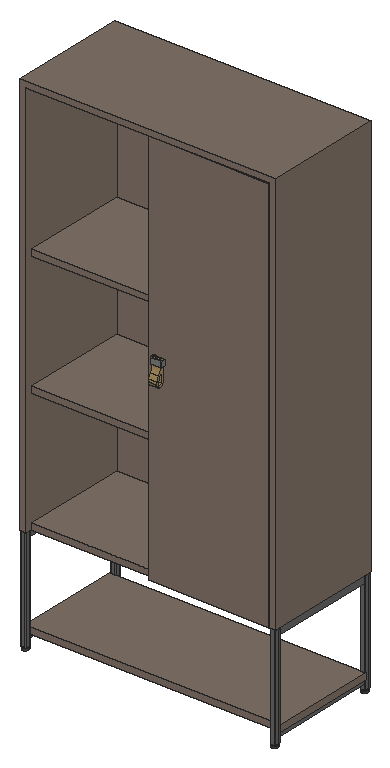
Revit family "Storage-Teknion-LWBTH_Byward_High_Tower-R2019", category Furniture, Revit 2019
Family settings
  OmniClass Number = 23.40.20.00
  OmniClass Title = General Furniture and Specialties
  Work Plane-Based = No
  Always vertical = Yes
  Cut with Voids When Loaded = No
  Shared = Yes
  Room Calculation Point = No
Parameters (values of type "Left Open, Right Coat")
  Width [instance] = 30.000"
  Warranty = "http://www.teknion.com/ca/papers/legal-canada"
  Unit Weight URL = "http://www.teknion.com/ca/tools/assets#&asset=bee6a381-b954-425e-8283-5a2de3a804f2,f828d448-4b62-4231-9e5f-9a8991c0ed77"
  URL = "www.teknion.com"
  To render please download texture images found here [instance] = "https://assets.teknion.com/web/5e81352c1dfdb467/revit-material-swatches/"
  Sustainability Data = "https://www.teknion.com/ca/tools/assets#&topic=216f99a5-57a0-44fc-b10a-9dee9b29ae4c&asset=444deb64-fe58-4b68-981e-f75e97781df7,b4ff2d81-9f2e-437d-9659-7cffb09c31cf"
  Series = "Byward"  # constant formula
  Right Coat Door = yes
  Product Page URL = "https://www.teknion.com/ca/products/product-details?productLineId=87d0476f-8e7a-673b-a6c8-ff05004460c4"
  Product Line = "Byward"  # constant formula
  Product Documentation Link = "https://assets.teknion.com/m/d3f7903c0f9c31f/original/Byward-Reference-Guide.pdf"
  Plan View Shelf Depth Cut Depth = 62.500"
  Part Number = "LWBTH"  # constant formula
  Model = "LWBTHOJ6014__"
  Manufacturer Phone = "416-661-3370"  # constant formula
  Manufacturer Fax = "416.661.4586"  # constant formula
  Manufacturer Contact Information = "http://www.teknion.com/ca/contactus"
  Manufacturer Address = "1150 Flint Road, Toronto, ON. M3J 2J5. Canada"  # constant formula
  Manufacturer = "Teknion"  # constant formula
  Left Open, Right Coat Cut Depth = 16.563"
  Left Coat, Right Open Cut Depth = 0.500"
  Left Coat Door = no
  How To Use Teknion Materials User Guide [instance] = "https://assets.teknion.com/m/205dd0a49fa58060/original/How-to-add-a-Material-Library-and-Texture-Images-to-your-Revit-project.pdf"
  Handle Paint Finish [instance] = Paint - Teknion - Mica - Anthracite
  Handle Leather Finish [instance] = Leather-Teknion-N68-Natural
  For Additional Finishes please visit [instance] = "https://assets.teknion.com/m/44a8009b046e5d47/original/Teknion_Materials_Library.zip"
  Description = "Byward High Tower, Left Open, Right Coat, 60\" Height, 14\" Depth"
  2D Coat Divider Right = yes
  2D Coat Divider Left = no
  2D Coat Lines = yes
  Case Finish [instance] = Veneer-Teknion-5U-Flintwood-Raw_Umber
  Available Widths [instance] = "24\" or 30\""  # constant formula
  Assembly Code = "E2020200"
  All Closed = 0.500"
Types (6): name | Right Coat Door | Plan View Shelf Depth Cut Depth | Model | Left Open, Right Coat Cut Depth | Left Coat, Right Open Cut Depth | Left Coat Door | Description | 2D Coat Divider Right | 2D Coat Divider Left | 2D Coat Lines | All Closed
  (no name) | yes | 62.500" | "LWBTHOJ6014__" | 16.563" | 0.500" | no | "Byward High Tower, Left Open, Right Coat, 60\" Height, 14\" Depth" | yes | no | yes | 0.500"
  Left Coat, Right Open | no | 62.500" | "LWBTHJO6014__" | 0.500" | 16.5625" | yes | "Byward High Tower, Left Coat, Right Open, 60\" Height, 14\" Depth" | no | yes | yes | 0.500"
  Left Open, Right Coat | yes | 62.500" | "LWBTHOJ6014__" | 16.563" | 0.500" | no | "Byward High Tower, Left Open, Right Coat, 60\" Height, 14\" Depth" | yes | no | yes | 0.500"
  All Closed | yes | 0.500" | "LWBTHCC6014__" | 0.500" | 0.500" | yes | "Byward High Tower, All Closed, 60\" Height, 14\" Depth" | no | no | no | 16.563"
  Left Closed, Right Coat | yes | 0.500" | "LWBTHCJ6014__" | 16.563" | 0.500" | yes | "Byward High Tower, Left Closed, Right Coat, 60\" Height, 14\" Depth" | yes | no | yes | 0.500"
  All Open | no | 0.500" | "LWBTHOO6014__" | 0.500" | 0.500" | no | "Byward High Tower, All Open, 60\" Height, 14\" Depth" | no | no | no | 16.563"
Reference planes (in)
  plane 1 "Center Front/Back": y = 0.01765
  plane 2: z = 0
  plane 3 "Center Left/Right": x = -4.02136
  plane 4 "Left": x = -19.02136
  plane 5 "Right": x = 10.97864
  plane 6 "Back": y = 7.01765
  plane 7 "Front": y = -6.98235
  plane 8 "Top": z = 60
  plane 9: y = -10.23235
Forms (in)
  Sweep 1, solid, material "Paint-Teknion-23-Z-Foundation-Foundry Onyx"
    path origin (-21.52136, -0.543, 0) x (0, 1, 0) y (0, 0, 1)
      loop
        line (-6.0597, 0.325) -> (-6.0597, 12.5)
    profile origin (-21.52136, -6.6027, 6.4125) x (0, -1, 0) y (1, 0, 0)
      loop
        arc (-0.3095, 2.621) -> (-0.28314, 2.55736) -> (-0.2195, 2.531) r 0.09
        line (-0.2195, 2.531) -> (0.2255, 2.531)
        arc (0.2255, 2.531) -> (0.28914, 2.55736) -> (0.3155, 2.621) r 0.09
        line (0.3155, 2.621) -> (0.3155, 3.066)
        arc (0.3155, 3.066) -> (0.28914, 3.12964) -> (0.2255, 3.156) r 0.09
        line (0.2255, 3.156) -> (-0.2195, 3.156)
        arc (-0.2195, 3.156) -> (-0.28314, 3.12964) -> (-0.3095, 3.066) r 0.09
        line (-0.3095, 3.066) -> (-0.3095, 2.621)
      loop
        line (-0.3095, 32.379) -> (-0.3095, 31.934)
        arc (-0.3095, 31.934) -> (-0.28314, 31.87036) -> (-0.2195, 31.844) r 0.09
        line (-0.2195, 31.844) -> (0.2255, 31.844)
        arc (0.2255, 31.844) -> (0.28914, 31.87036) -> (0.3155, 31.934) r 0.09
        line (0.3155, 31.934) -> (0.3155, 32.379)
        arc (0.3155, 32.379) -> (0.28914, 32.44264) -> (0.2255, 32.469) r 0.09
        line (0.2255, 32.469) -> (-0.2195, 32.469)
        arc (-0.2195, 32.469) -> (-0.28314, 32.44264) -> (-0.3095, 32.379) r 0.09
  Sweep 2, solid, material "Paint-Teknion-23-Z-Foundation-Foundry Onyx"
    path origin (-21.52136, 12.71116, 0) x (0, 1, 0) y (0, 0, 1)
      loop
        line (-6.095, 0.325) -> (-6.095, 12.5)
    profile origin (-21.52136, 6.61616, 6.4125) x (0, -1, 0) y (1, 0, 0)
      loop
        arc (-0.3095, 2.621) -> (-0.28314, 2.55736) -> (-0.2195, 2.531) r 0.09
        line (-0.2195, 2.531) -> (0.2255, 2.531)
        arc (0.2255, 2.531) -> (0.28914, 2.55736) -> (0.3155, 2.621) r 0.09
        line (0.3155, 2.621) -> (0.3155, 3.066)
        arc (0.3155, 3.066) -> (0.28914, 3.12964) -> (0.2255, 3.156) r 0.09
        line (0.2255, 3.156) -> (-0.2195, 3.156)
        arc (-0.2195, 3.156) -> (-0.28314, 3.12964) -> (-0.3095, 3.066) r 0.09
        line (-0.3095, 3.066) -> (-0.3095, 2.621)
      loop
        line (-0.3095, 32.379) -> (-0.3095, 31.934)
        arc (-0.3095, 31.934) -> (-0.28314, 31.87036) -> (-0.2195, 31.844) r 0.09
        line (-0.2195, 31.844) -> (0.2255, 31.844)
        arc (0.2255, 31.844) -> (0.28914, 31.87036) -> (0.3155, 31.934) r 0.09
        line (0.3155, 31.934) -> (0.3155, 32.379)
        arc (0.3155, 32.379) -> (0.28914, 32.44264) -> (0.2255, 32.469) r 0.09
        line (0.2255, 32.469) -> (-0.2195, 32.469)
        arc (-0.2195, 32.469) -> (-0.28314, 32.44264) -> (-0.3095, 32.379) r 0.09
  Sweep 3, solid, material "Paint-Teknion-23-Z-Foundation-Foundry Onyx"
    path origin (-21.52136, -0.50784, 0) x (0, 1, 0) y (0, 0, 1)
      loop
        line (7.118, 0.163) -> (7.118, 0.325)
    profile origin (-21.52136, 6.61016, 0.244) x (0, -1, 0) y (1, 0, 0)
      loop
        circle (0.0043, 2.8401) r 0.12489
      loop
        circle (-0.00156, 32.16313) r 0.12489
      loop
        circle (13.22333, 2.84596) r 0.12489
      loop
        circle (13.21747, 32.15727) r 0.12489
  SweptBlend 4, solid, material "Plastic - Teknion - E - Ebony"
    path origin (2.69755, -1.71779, 0) x (0, 1, 0) y (0, 0, 1)
      loop
        line (8.32677, 0.163) -> (8.32677, 0)
    profile origin (2.69755, 6.60898, 0.163) x (1, 0, 0) y (0, 1, 0)
      loop
        circle (-21.37927, 0.00143) r 0.37442
    end profile origin (2.69755, 6.60898, 0) x (1, 0, 0) y (0, 1, 0)
      loop
        circle (-21.37837, -0.00078) r 0.36064
  SweptBlend 5, solid, material "Plastic - Teknion - E - Ebony"
    path origin (2.70341, -14.97186, 0) x (0, 1, 0) y (0, 0, 1)
      loop
        line (8.36207, 0.163) -> (8.36207, 0)
    profile origin (2.70341, -6.60979, 0.163) x (1, 0, 0) y (0, 1, 0)
      loop
        circle (-21.37927, 0.00143) r 0.37442
    end profile origin (2.70341, -6.60979, 0) x (1, 0, 0) y (0, 1, 0)
      loop
        circle (-21.37837, -0.00078) r 0.36064
  Sweep 6, solid, material "Paint-Teknion-23-Z-Foundation-Foundry Onyx"
    path origin (-21.37173, -0.54315, 0) x (1, 0, 0) y (0, 1, 0)
      loop
        line (3.87606, 6.9438) -> (3.87606, -5.8502)
    profile origin (-17.49568, 0.00365, 0) x (1, 0, 0) y (0, 0, 1)
      loop
        line (1.19331, 12.366) -> (1.19331, 12.5) -> (-1.07269, 12.5)
        arc (-1.07269, 12.5) -> (-1.23815, 12.43146) -> (-1.30669, 12.266) r 0.234
        line (-1.30669, 12.266) -> (-1.30669, 11.5) -> (-1.17269, 11.5) -> (-1.17269, 12.266)
        arc (-1.17269, 12.266) -> (-1.1434, 12.33671) -> (-1.07269, 12.366) r 0.1
        line (-1.07269, 12.366) -> (1.19331, 12.366)
      loop
        line (25.75531, 12.366) -> (28.02131, 12.366)
        arc (28.02131, 12.366) -> (28.09203, 12.33671) -> (28.12131, 12.266) r 0.1
        line (28.12131, 12.266) -> (28.12131, 11.5) -> (28.25531, 11.5) -> (28.25531, 12.266)
        arc (28.25531, 12.266) -> (28.18678, 12.43146) -> (28.02131, 12.5) r 0.234
        line (28.02131, 12.5) -> (25.75531, 12.5) -> (25.75531, 12.366)
  Sweep 7, void
    path origin (-21.37173, 0.00366, 0) x (1, 0, 0) y (0, 0, 1)
      loop
        line (3.62168, 12.5) -> (3.62168, 12.366)
    profile origin (-17.75005, 0.00366, 12.433) x (0, -1, 0) y (1, 0, 0)
      loop
        arc (-5.45119, 1.28393) -> (-5.36338, 1.40007) -> (-5.22579, 1.44769) r 0.25028
        line (-5.22579, 1.44769) -> (-6.397, 1.44769) -> (-6.397, -0.67731) -> (-6.172, -0.67731) -> (-5.45119, 1.28393)
      loop
        line (6.172, -0.67731) -> (6.397, -0.67731) -> (6.397, 1.44769) -> (5.22581, 1.44769)
        arc (5.22581, 1.44769) -> (5.36339, 1.40007) -> (5.45119, 1.28393) r 0.25028
        line (5.45119, 1.28393) -> (6.172, -0.67731)
      loop
        line (-5.45119, 26.17345) -> (-6.172, 28.13469) -> (-6.397, 28.13469) -> (-6.397, 26.00969) -> (-5.22579, 26.00969)
        arc (-5.22579, 26.00969) -> (-5.36338, 26.05731) -> (-5.45119, 26.17345) r 0.25028
      loop
        line (6.172, 28.13469) -> (5.45119, 26.17345)
        arc (5.45119, 26.17345) -> (5.36339, 26.05731) -> (5.22581, 26.00969) r 0.25028
        line (5.22581, 26.00969) -> (6.397, 26.00969) -> (6.397, 28.13469) -> (6.172, 28.13469)
  Sweep 8, solid, material "Paint-Teknion-23-Z-Foundation-Foundry Onyx"
    path origin (-21.37173, -0.54315, -11) x (1, 0, 0) y (0, 1, 0)
      loop
        line (3.87606, 6.9438) -> (3.87606, -5.8502)
    profile origin (-17.49568, 0.00365, -11) x (1, 0, 0) y (0, 0, 1)
      loop
        line (1.19331, 12.366) -> (1.19331, 12.5) -> (-1.07269, 12.5)
        arc (-1.07269, 12.5) -> (-1.23815, 12.43146) -> (-1.30669, 12.266) r 0.234
        line (-1.30669, 12.266) -> (-1.30669, 11.875) -> (-1.17269, 11.875) -> (-1.17269, 12.266)
        arc (-1.17269, 12.266) -> (-1.1434, 12.33671) -> (-1.07269, 12.366) r 0.1
        line (-1.07269, 12.366) -> (1.19331, 12.366)
      loop
        line (25.75531, 12.366) -> (28.02131, 12.366)
        arc (28.02131, 12.366) -> (28.09203, 12.33671) -> (28.12131, 12.266) r 0.1
        line (28.12131, 12.266) -> (28.12131, 11.875) -> (28.25531, 11.875) -> (28.25531, 12.266)
        arc (28.25531, 12.266) -> (28.18678, 12.43146) -> (28.02131, 12.5) r 0.234
        line (28.02131, 12.5) -> (25.75531, 12.5) -> (25.75531, 12.366)
  Sweep 9, void
    path origin (-21.37173, 0.00366, -11) x (1, 0, 0) y (0, 0, 1)
      loop
        line (3.62168, 12.5) -> (3.62168, 12.366)
    profile origin (-17.75005, 0.00366, 1.433) x (0, -1, 0) y (1, 0, 0)
      loop
        arc (-5.45119, 1.28393) -> (-5.36338, 1.40007) -> (-5.22579, 1.44769) r 0.25028
        line (-5.22579, 1.44769) -> (-6.397, 1.44769) -> (-6.397, -0.67731) -> (-6.172, -0.67731) -> (-5.45119, 1.28393)
      loop
        line (6.172, -0.67731) -> (6.397, -0.67731) -> (6.397, 1.44769) -> (5.22581, 1.44769)
        arc (5.22581, 1.44769) -> (5.36339, 1.40007) -> (5.45119, 1.28393) r 0.25028
        line (5.45119, 1.28393) -> (6.172, -0.67731)
      loop
        line (-5.45119, 26.17345) -> (-6.172, 28.13469) -> (-6.397, 28.13469) -> (-6.397, 26.00969) -> (-5.22579, 26.00969)
        arc (-5.22579, 26.00969) -> (-5.36338, 26.05731) -> (-5.45119, 26.17345) r 0.25028
      loop
        line (6.172, 28.13469) -> (5.45119, 26.17345)
        arc (5.45119, 26.17345) -> (5.36339, 26.05731) -> (5.22581, 26.00969) r 0.25028
        line (5.22581, 26.00969) -> (6.397, 26.00969) -> (6.397, 28.13469) -> (6.172, 28.13469)
  SweptBlend 10, solid, material "Plastic - Teknion - E - Ebony"
    path origin (-10.74613, -14.97186, 0) x (0, 1, 0) y (0, 0, -1)
      loop
        line (8.36207, -0.163) -> (8.36207, 0)
    profile origin (-10.74613, -6.60979, 0.163) x (-1, 0, 0) y (0, -1, 0)
      loop
        circle (-21.37927, -0.00143) r 0.37442
    end profile origin (-10.74613, -6.60979, 0) x (-1, 0, 0) y (0, -1, 0)
      loop
        circle (-21.37837, 0.00078) r 0.36064
  SweptBlend 11, solid, material "Plastic - Teknion - E - Ebony"
    path origin (-10.74027, -1.71779, 0) x (0, 1, 0) y (0, 0, -1)
      loop
        line (8.32677, -0.163) -> (8.32677, 0)
    profile origin (-10.74027, 6.60898, 0.163) x (-1, 0, 0) y (0, -1, 0)
      loop
        circle (-21.37927, -0.00143) r 0.37442
    end profile origin (-10.74027, 6.60898, 0) x (-1, 0, 0) y (0, -1, 0)
      loop
        circle (-21.37837, 0.00078) r 0.36064
  Sweep 12, solid, material "Veneer-Teknion-5U-Flintwood-Raw_Umber" <- "Case Finish"
    path origin (0, 0.01765, 0) x (1, 0, 0) y (0, 0, 1)
      loop
        line (-4.02136, 1.5) -> (-4.02136, 2.1875)
    profile origin (-4.02136, 0.01765, 1.84375) x (-1, 0, 0) y (0, -1, 0)
      loop
        line (-15, 6.247) -> (-15, -6.219) -> (15, -6.219) -> (15, 6.247) -> (-15, 6.247)
  Sweep 13, solid, material "Veneer-Teknion-5U-Flintwood-Raw_Umber" <- "Case Finish"
    path origin (0, 0, 0) x (1, 0, 0) y (0, 1, 0)
      loop
        line (-4.02136, 7.01765) -> (-4.02136, -6.98235)
    profile origin (-4.02136, 0.01765, 0) x (1, 0, 0) y (0, 0, 1)
      loop
        line (-15, 60) -> (-15, 12.5) -> (15, 12.5) -> (15, 60) -> (-15, 60)
  Sweep 14, void
    path origin (0, 0, 0) x (1, 0, 0) y (0, 1, 0)
      loop
        line (-4.02136, -10.23235) -> (-4.02136, -9.73235)
    profile origin (-4.02136, -9.98235, 0) x (-1, 0, 0) y (0, 0, 1)
      loop
        line (0.6875, 19.875) -> (14.3125, 19.875) -> (14.3125, 59.3125) -> (0.6875, 59.3125) -> (0.6875, 19.875)
      loop
        line (14.3125, 19.1875) -> (0.6875, 19.1875) -> (0.6875, 13.1875) -> (14.3125, 13.1875) -> (14.3125, 19.1875)
      loop
        line (0, 26.875) -> (-14.3125, 26.875) -> (-14.3125, 13.1875) -> (0, 13.1875) -> (0, 26.875)
      loop
        line (-14.3125, 27.5625) -> (0, 27.5625) -> (0, 41.3125) -> (-14.3125, 41.3125) -> (-14.3125, 27.5625)
      loop
        line (-14.3125, 42) -> (0, 42) -> (0, 59.3125) -> (-14.3125, 59.3125) -> (-14.3125, 42)
  Sweep 15, void
    path origin (0, 0, 0) x (1, 0, 0) y (0, 1, 0)
      loop
        line (-4.30724, -6.22935) -> (-4.30724, -10.23235)
    profile origin (-4.30724, -8.23085, 0) x (1, 0, 0) y (0, 0, 1)
      loop
        line (-14.02662, 12.5) -> (14.59838, 12.5) -> (14.59838, 59.3125) -> (-14.02662, 59.3125) -> (-14.02662, 12.5)
  Sweep 16, solid, material "Veneer-Teknion-5U-Flintwood-Raw_Umber" <- "Case Finish", visible <- "Left Coat Door"
    path origin (0, 0, 0) x (1, 0, 0) y (0, 1, 0)
      loop
        line (-10.77136, -6.90361) -> (-10.77136, -6.22935)
    profile origin (-10.77136, -6.56648, 0) x (-1, 0, 0) y (0, 0, 1)
      loop
        line (7.4625, 59.2125) -> (-6.7, 59.2125) -> (-6.7, 12.5) -> (7.4625, 12.5) -> (7.4625, 59.2125)
  Sweep 17, void
    path origin (0, 0, 0) x (1, 0, 0) y (0, 1, 0)
      loop
        line (-4.02136, -10.23235) -> (-4.02136, 6.33065)
    profile origin (-4.02136, -1.95085, 0) x (-1, 0, 0) y (0, 0, 1)
      loop
        line (0, 42) -> (14.3125, 42) -> (14.3125, 59.3125) -> (0, 59.3125) -> (0, 42)
      loop
        line (-0.6875, 13.1875) -> (-0.6875, 19.1875) -> (-14.3125, 19.1875) -> (-14.3125, 13.1875) -> (-0.6875, 13.1875)
      loop
        line (-14.3125, 19.875) -> (-0.6875, 19.875) -> (-0.6875, 59.3125) -> (-14.3125, 59.3125) -> (-14.3125, 19.875)
      loop
        line (14.3125, 41.3125) -> (0, 41.3125) -> (0, 27.5625) -> (14.3125, 27.5625) -> (14.3125, 41.3125)
      loop
        line (14.3125, 26.875) -> (0, 26.875) -> (0, 13.1875) -> (14.3125, 13.1875) -> (14.3125, 26.875)
  Sweep 18, solid, material "Veneer-Teknion-5U-Flintwood-Raw_Umber" <- "Case Finish", visible <- "Right Coat Door"
    path origin (0, 0, 0) x (1, 0, 0) y (0, 1, 0)
      loop
        line (-4.02136, -6.90361) -> (-4.02136, -6.22935)
    profile origin (-4.02136, -6.56648, 0) x (-1, 0, 0) y (0, 0, 1)
      loop
        line (-0.05, 59.2125) -> (-14.2125, 59.2125) -> (-14.2125, 12.5) -> (-0.05, 12.5) -> (-0.05, 59.2125)
  Sweep 19, void
    path origin (0, 0, 0) x (1, 0, 0) y (0, 1, 0)
      loop
        line (-4.02136, -10.23235) -> (-4.02136, -9.73235)
    profile origin (-4.02136, -9.98235, 0) x (-1, 0, 0) y (0, 0, 1)
      loop
        line (14.3125, 42) -> (14.3125, 59.3125) -> (-14.3125, 59.3125) -> (-14.3125, 42) -> (14.3125, 42)
      loop
        line (14.3125, 41.3125) -> (-14.3125, 41.3125) -> (-14.3125, 27.5625) -> (14.3125, 27.5625) -> (14.3125, 41.3125)
      loop
        line (-14.3125, 26.875) -> (-14.3125, 13.1875) -> (14.3125, 13.1875) -> (14.3125, 26.875) -> (-14.3125, 26.875)
Cuts and joins
  Sweep 7, Sweep 9 cuts Sweep 6
  joined: Sweep 1, Sweep 2, Sweep 6
  Sweep 9 cuts Sweep 8
  Sweep 14, Sweep 15, Sweep 17, Sweep 19 cuts Sweep 13
Lines and regions (in)
  Masking region 1
    outline origin (0, 0, 0) x (1, 0, 0) y (0, 1, 0)
      loop
        line (-19.02136, 7.01765) -> (-19.02136, -6.98235) -> (10.97864, -6.98235) -> (10.97864, 7.01765) -> (-19.02136, 7.01765)
  symbolic lines, style "FurnitureHiddenLines", detail levels medium+fine
    curve 1: line (10.97864, 6.23665, 0) -> (-19.02136, 6.23665, 0)
    curve 2: line (-19.02136, -6.22935, 0) -> (10.97864, -6.22935, 0)
    curve 11: line (-18.33386, 6.33065, 0) -> (-18.33386, -6.98235, 0)
    curve 14: line (10.29114, -6.98235, 0) -> (10.29114, 6.33065, 0)
    curve 16: line (-18.80236, 6.40065, 0) -> (-18.80236, -6.39335, 0)
    curve 17: line (-18.42736, 6.40065, 0) -> (-18.42736, 6.17566, 0)
    curve 18: line (-18.42736, 6.17566, 0) -> (-16.46612, 5.45485, 0)
    curve 19: line (-16.30236, -5.22215, 0) -> (-16.30236, 5.22945, 0)
    curve 20: line (-16.46612, -5.44753, 0) -> (-18.42736, -6.16834, 0)
    curve 21: line (-18.42736, -6.16834, 0) -> (-18.42736, -6.39335, 0)
    curve 22: line (-18.80236, -6.39335, 0) -> (-18.42736, -6.39335, 0)
    curve 23: line (-18.80236, 6.40065, 0) -> (-18.42736, 6.40065, 0)
    curve 24: arc (-16.46612, 5.45485, 0) -> (-16.34998, 5.36704, 0) -> (-16.30236, 5.22945, 0) r 0.25028
    curve 25: arc (-16.30236, -5.22215, 0) -> (-16.34998, -5.35973, 0) -> (-16.46612, -5.44753, 0) r 0.25028
    curve 26: line (8.4234, 5.45485, 0) -> (10.38464, 6.17566, 0)
    curve 27: line (8.25964, 5.22945, 0) -> (8.25964, -5.22215, 0)
    curve 28: line (10.75964, -6.39335, 0) -> (10.75964, 6.40065, 0)
    curve 29: line (10.38464, 6.17566, 0) -> (10.38464, 6.40065, 0)
    curve 30: line (10.38464, -6.39335, 0) -> (10.38464, -6.16834, 0)
    curve 31: line (10.38464, -6.16834, 0) -> (8.4234, -5.44753, 0)
    curve 32: line (10.38464, 6.40065, 0) -> (10.75964, 6.40065, 0)
    curve 33: line (10.38464, -6.39335, 0) -> (10.75964, -6.39335, 0)
    curve 34: arc (8.25964, 5.22945, 0) -> (8.30726, 5.36704, 0) -> (8.4234, 5.45485, 0) r 0.25028
    curve 35: arc (8.4234, -5.44753, 0) -> (8.30726, -5.35973, 0) -> (8.25964, -5.22215, 0) r 0.25028
  symbolic lines, style "FurnitureHiddenLines", visible <- "Left Coat Door", detail levels medium+fine
    curve 3: line (-4.07136, -6.90361, 0) -> (-4.07136, -6.22935, 0)
    curve 4: line (-4.07136, -6.90361, 0) -> (-18.23386, -6.90361, 0)
    curve 5: line (-18.23386, -6.22935, 0) -> (-18.23386, -6.90361, 0)
  symbolic lines, style "FurnitureHiddenLines", visible <- "Right Coat Door", detail levels medium+fine
    curve 6: line (-3.97136, -6.22935, 0) -> (-3.97136, -6.90361, 0)
    curve 7: line (10.19114, -6.90361, 0) -> (-3.97136, -6.90361, 0)
    curve 8: line (10.19114, -6.90361, 0) -> (10.19114, -6.22935, 0)
  symbolic lines, style "FurnitureHiddenLines", visible <- "2D Coat Lines", detail levels medium+fine
    curve 9: line (-18.33386, 6.33065, 0) -> (-4.02136, 6.33065, 0)
    curve 10: line (-4.02136, -6.22935, 0) -> (-4.02136, 6.33065, 0)
    curve 13: line (-3.33386, 6.33065, 0) -> (10.29114, 6.33065, 0)
  symbolic lines, style "FurnitureHiddenLines", visible <- "2D Coat Divider Right", detail levels medium+fine
    curve 12: line (-3.33386, 6.33065, 0) -> (-3.33386, -6.22935, 0)
  symbolic lines, style "FurnitureHiddenLines", visible <- "2D Coat Divider Left", detail levels medium+fine
    curve 15: line (-4.70886, 6.33065, 0) -> (-4.70886, -6.22935, 0)
  symbolic lines, style "FurnitureHiddenLines", detail levels fine
    curve 36: line (-18.45536, 6.92566, 0) -> (-18.90036, 6.92566, 0)
    curve 37: line (-18.99036, 6.83566, 0) -> (-18.99036, 6.39066, 0)
    curve 38: line (-18.90036, 6.30066, 0) -> (-18.45536, 6.30066, 0)
    curve 39: line (-18.36536, 6.39066, 0) -> (-18.36536, 6.83566, 0)
    curve 40: arc (-18.99036, 6.83566, 0) -> (-18.964, 6.8993, 0) -> (-18.90036, 6.92566, 0) r 0.09
    curve 41: arc (-18.90036, 6.30066, 0) -> (-18.964, 6.32702, 0) -> (-18.99036, 6.39066, 0) r 0.09
    curve 42: arc (-18.36536, 6.39066, 0) -> (-18.39172, 6.32702, 0) -> (-18.45536, 6.30066, 0) r 0.09
    curve 43: arc (-18.45536, 6.92566, 0) -> (-18.39172, 6.8993, 0) -> (-18.36536, 6.83566, 0) r 0.09
    curve 44: arc (-18.3073, 6.61041, 0) -> (-18.68172, 6.98483, 0) -> (-19.05614, 6.61041, 0) r 0.37442
    curve 45: arc (-19.04145, 6.60821, 0) -> (-18.68082, 6.96884, 0) -> (-18.32018, 6.60821, 0) r 0.36064
    curve 46: arc (-18.32018, 6.60821, 0) -> (-18.68082, 6.24757, 0) -> (-19.04145, 6.60821, 0) r 0.36064
    curve 47: arc (-19.05614, 6.61041, 0) -> (-18.68172, 6.23599, 0) -> (-18.3073, 6.61041, 0) r 0.37442
    curve 48: arc (-18.68126, 6.48097, 0) -> (-18.80615, 6.60586, 0) -> (-18.68126, 6.73075, 0) r 0.12489
    curve 49: arc (-18.68126, 6.73075, 0) -> (-18.55637, 6.60586, 0) -> (-18.68126, 6.48097, 0) r 0.12489
    curve 50: line (10.85764, 6.92566, 0) -> (10.41264, 6.92566, 0)
    curve 51: line (10.32264, 6.83566, 0) -> (10.32264, 6.39066, 0)
    curve 52: line (10.41264, 6.30066, 0) -> (10.85764, 6.30066, 0)
    curve 53: line (10.94764, 6.39066, 0) -> (10.94764, 6.83566, 0)
    curve 54: arc (10.32264, 6.83566, 0) -> (10.349, 6.8993, 0) -> (10.41264, 6.92566, 0) r 0.09
    curve 55: arc (10.85764, 6.92566, 0) -> (10.92128, 6.8993, 0) -> (10.94764, 6.83566, 0) r 0.09
    curve 56: arc (10.94764, 6.39066, 0) -> (10.92128, 6.32702, 0) -> (10.85764, 6.30066, 0) r 0.09
    curve 57: arc (10.41264, 6.30066, 0) -> (10.349, 6.32702, 0) -> (10.32264, 6.39066, 0) r 0.09
    curve 58: arc (10.64177, 6.48683, 0) -> (10.51688, 6.61172, 0) -> (10.64177, 6.73661, 0) r 0.12489
    curve 59: arc (10.64177, 6.73661, 0) -> (10.76666, 6.61172, 0) -> (10.64177, 6.48683, 0) r 0.12489
    curve 60: arc (10.27746, 6.60821, 0) -> (10.63809, 6.96884, 0) -> (10.99873, 6.60821, 0) r 0.36064
    curve 61: arc (11.01342, 6.61041, 0) -> (10.639, 6.98483, 0) -> (10.26458, 6.61041, 0) r 0.37442
    curve 62: arc (10.99873, 6.60821, 0) -> (10.63809, 6.24757, 0) -> (10.27746, 6.60821, 0) r 0.36064
    curve 63: arc (10.26458, 6.61041, 0) -> (10.639, 6.23599, 0) -> (11.01342, 6.61041, 0) r 0.37442
    curve 64: line (10.85764, -6.2932, 0) -> (10.41264, -6.2932, 0)
    curve 65: line (10.41264, -6.9182, 0) -> (10.85764, -6.9182, 0)
    curve 66: line (10.32264, -6.3832, 0) -> (10.32264, -6.8282, 0)
    curve 67: line (10.94764, -6.8282, 0) -> (10.94764, -6.3832, 0)
    curve 68: arc (10.32264, -6.3832, 0) -> (10.349, -6.31956, 0) -> (10.41264, -6.2932, 0) r 0.09
    curve 69: arc (10.85764, -6.2932, 0) -> (10.92128, -6.31956, 0) -> (10.94764, -6.3832, 0) r 0.09
    curve 70: arc (10.94764, -6.8282, 0) -> (10.92128, -6.89184, 0) -> (10.85764, -6.9182, 0) r 0.09
    curve 71: arc (10.41264, -6.9182, 0) -> (10.349, -6.89184, 0) -> (10.32264, -6.8282, 0) r 0.09
    curve 72: arc (10.63591, -6.7322, 0) -> (10.51102, -6.60731, 0) -> (10.63591, -6.48242, 0) r 0.12489
    curve 73: arc (10.63591, -6.48242, 0) -> (10.7608, -6.60731, 0) -> (10.63591, -6.7322, 0) r 0.12489
    curve 74: arc (10.2716, -6.61057, 0) -> (10.63224, -6.24993, 0) -> (10.99287, -6.61057, 0) r 0.36064
    curve 75: arc (10.99287, -6.61057, 0) -> (10.63224, -6.97121, 0) -> (10.2716, -6.61057, 0) r 0.36064
    curve 76: arc (10.25872, -6.60836, 0) -> (10.63314, -6.98278, 0) -> (11.00756, -6.60836, 0) r 0.37442
    curve 77: arc (11.00756, -6.60836, 0) -> (10.63314, -6.23394, 0) -> (10.25872, -6.60836, 0) r 0.37442
    curve 78: arc (-19.03559, -6.61057, 0) -> (-18.67496, -6.24993, 0) -> (-18.31432, -6.61057, 0) r 0.36064
    curve 79: arc (-18.31432, -6.61057, 0) -> (-18.67496, -6.97121, 0) -> (-19.03559, -6.61057, 0) r 0.36064
    curve 80: arc (-19.05028, -6.60836, 0) -> (-18.67586, -6.98278, 0) -> (-18.30144, -6.60836, 0) r 0.37442
    curve 81: arc (-18.30144, -6.60836, 0) -> (-18.67586, -6.23394, 0) -> (-19.05028, -6.60836, 0) r 0.37442
    curve 82: line (-18.45536, -6.2932, 0) -> (-18.90036, -6.2932, 0)
    curve 83: line (-18.90036, -6.9182, 0) -> (-18.45536, -6.9182, 0)
    curve 84: line (-18.99036, -6.3832, 0) -> (-18.99036, -6.8282, 0)
    curve 85: line (-18.36536, -6.8282, 0) -> (-18.36536, -6.3832, 0)
    curve 86: arc (-18.99036, -6.3832, 0) -> (-18.964, -6.31956, 0) -> (-18.90036, -6.2932, 0) r 0.09
    curve 87: arc (-18.45536, -6.2932, 0) -> (-18.39172, -6.31956, 0) -> (-18.36536, -6.3832, 0) r 0.09
    curve 88: arc (-18.36536, -6.8282, 0) -> (-18.39172, -6.89184, 0) -> (-18.45536, -6.9182, 0) r 0.09
    curve 89: arc (-18.90036, -6.9182, 0) -> (-18.964, -6.89184, 0) -> (-18.99036, -6.8282, 0) r 0.09
    curve 90: arc (-18.6754, -6.73806, 0) -> (-18.80029, -6.61317, 0) -> (-18.6754, -6.48828, 0) r 0.12489
    curve 91: arc (-18.6754, -6.48828, 0) -> (-18.55051, -6.61317, 0) -> (-18.6754, -6.73806, 0) r 0.12489
  reference lines
    curve 92: line (-19.02136, 8.53591, 0) -> (-19.02136, -8.29605, 0)
    curve 93: line (10.97864, 8.53591, 0) -> (10.97864, -8.29605, 0)
  symbolic lines, style "FurnitureHiddenLines", visible <- "Left Coat Door"
    curve 94: line (-4.07136, 0.01765, 59.2125) -> (-18.23386, 0.01765, 35.85625)
    curve 95: line (-18.23386, 0.01765, 35.85625) -> (-4.07136, 0.01765, 12.5)
  symbolic lines, style "FurnitureHiddenLines", visible <- "Right Coat Door"
    curve 96: line (-4.07136, 0.01765, 59.2125) -> (10.19114, 0.01765, 35.85625)
    curve 97: line (10.19114, 0.01765, 35.85625) -> (-4.07136, 0.01765, 12.5)
Dimensions and locks (in)
  "Width": plane 4 "Left" to plane 5 "Right"
  locked: plane 6 "Back" to plane 7 "Front" at 14
  plane 8 "Top" to level = 60.000"
  equal spacing: plane 7 "Front", plane 1 "Center Front/Back", plane 6 "Back"
  equal spacing: plane 4 "Left", plane 3 "Center Left/Right", plane 5 "Right"
  Sweep 1 sketch curve to Sweep 1 sketch curve to level = 12.175" locked, 0.325" locked
  Sweep 2 sketch curve to Sweep 2 sketch curve to level = 12.175" locked, 0.325" locked
  plane 4 "Left" to Sweep 2 sketch curve to Sweep 2 sketch curve to Sweep 2 sketch curve to Sweep 2 sketch curve to Sweep 2 sketch curve to Sweep 2 sketch curve = 0.031" locked, 0.090" locked, 0.000" locked, 0.445" locked, 0.000" locked, 0.090" locked
  plane 6 "Back" to Sweep 2 sketch curve to Sweep 2 sketch curve to Sweep 2 sketch curve to Sweep 2 sketch curve to Sweep 2 sketch curve to Sweep 2 sketch curve = 0.09199" locked, 0.090" locked, 0.000" locked, 0.445" locked, 0.000" locked, 0.090" locked  (x2)
  plane 4 "Left" to Sweep 1 sketch curve to Sweep 1 sketch curve to Sweep 1 sketch curve to Sweep 1 sketch curve to Sweep 1 sketch curve to Sweep 1 sketch curve = 0.031" locked, 0.090" locked, 0.000" locked, 0.445" locked, 0.000" locked, 0.090" locked
  plane 7 "Front" to Sweep 1 sketch curve to Sweep 1 sketch curve to Sweep 1 sketch curve to Sweep 1 sketch curve to Sweep 1 sketch curve = 0.06415" locked, 0.090" locked, 0.445" locked, 0.000" locked, 0.090" locked  (x2)
  Sweep 3 sketch curve to Sweep 3 sketch curve to level = 0.162" locked, 0.163" locked
  plane 6 "Back" to Sweep 3 sketch curve to Sweep 3 sketch curve = 0.40593" locked, 0.00586" locked
  plane 4 "Left" to Sweep 3 sketch curve to Sweep 3 sketch curve = 0.3401" locked, 0.00586" locked
  Sweep 3 sketch curve to Sweep 3 sketch curve to plane 7 "Front" = 0.00586" locked, 0.36918" locked
  plane 4 "Left" to Sweep 6 sketch curve to Sweep 6 sketch curve to Sweep 6 sketch curve to Sweep 6 sketch curve to Sweep 6 sketch curve = 0.219" locked, 0.134" locked, 0.100" locked, 0.000" locked, 2.266" locked
  Sweep 6 sketch curve to Sweep 6 sketch curve to Sweep 6 sketch curve to level = 0.134" locked, 0.866" locked, 11.500" locked  (x2)
  Sweep 7 sketch curve to Sweep 7 sketch curve to level = 0.134" locked, 12.366" locked
  plane 4 "Left" to Sweep 7 sketch curve to Sweep 7 sketch curve to Sweep 7 sketch curve to Sweep 7 sketch curve to Sweep 7 sketch curve to Sweep 7 sketch curve to Sweep 7 sketch curve to Sweep 7 sketch curve = 0.594" locked, 0.000" locked, 1.8749" locked, 0.000" locked, 0.08634" locked, 0.000" locked, 0.16376" locked, 0.000" locked
  plane 7 "Front" to Sweep 7 sketch curve to Sweep 7 sketch curve to Sweep 7 sketch curve to Sweep 7 sketch curve = 0.58901" locked, 0.225" locked, 0.94619" locked, 0.00954" locked  (x2)
  plane 6 "Back" to Sweep 7 sketch curve to Sweep 7 sketch curve to Sweep 7 sketch curve to Sweep 7 sketch curve = 0.61699" locked, 0.225" locked, 0.94621" locked, 0.00952" locked  (x2)
  locked: plane 7 "Front" to Sweep 6 sketch curve at 0.589
  locked: plane 6 "Back" to Sweep 6 sketch curve at 0.617
  plane 4 "Left" to Sweep 8 sketch curve to Sweep 8 sketch curve to Sweep 8 sketch curve to Sweep 8 sketch curve to Sweep 8 sketch curve = 0.219" locked, 0.134" locked, 0.100" locked, 0.000" locked, 2.266" locked
  Sweep 8 sketch curve to Sweep 8 sketch curve to Sweep 8 sketch curve to level = 0.134" locked, 0.491" locked, 0.875" locked  (x2)
  Sweep 9 sketch curve to Sweep 9 sketch curve to level = 0.134" locked, 1.366" locked
  plane 4 "Left" to Sweep 9 sketch curve to Sweep 9 sketch curve to Sweep 9 sketch curve to Sweep 9 sketch curve to Sweep 9 sketch curve to Sweep 9 sketch curve to Sweep 9 sketch curve to Sweep 9 sketch curve = 0.594" locked, 0.000" locked, 1.8749" locked, 0.000" locked, 0.08634" locked, 0.000" locked, 0.16376" locked, 0.000" locked
  plane 7 "Front" to Sweep 9 sketch curve to Sweep 9 sketch curve to Sweep 9 sketch curve to Sweep 9 sketch curve = 0.58901" locked, 0.225" locked, 0.94619" locked, 0.00954" locked  (x2)
  plane 6 "Back" to Sweep 9 sketch curve to Sweep 9 sketch curve to Sweep 9 sketch curve to Sweep 9 sketch curve = 0.61699" locked, 0.225" locked, 0.94621" locked, 0.00952" locked  (x2)
  locked: SweptBlend 4 sketch curve to level at 0.163
  locked: plane 4 "Left" to SweptBlend 4 sketch curve at 0.33964
  locked: plane 6 "Back" to SweptBlend 4 sketch curve at 0.40724
  locked: plane 4 "Left" to SweptBlend 4 sketch curve at 0.34054
  locked: plane 6 "Back" to SweptBlend 4 sketch curve at 0.40944
  locked: plane 7 "Front" to SweptBlend 5 sketch curve at 0.37178
  locked: plane 4 "Left" to SweptBlend 5 sketch curve at 0.3464
  locked: plane 7 "Front" to SweptBlend 5 sketch curve at 0.37399
  locked: plane 4 "Left" to SweptBlend 5 sketch curve at 0.3455
  locked: SweptBlend 5 sketch curve to level at 0.163
  plane 5 "Right" to Sweep 6 sketch curve to Sweep 6 sketch curve to Sweep 6 sketch curve to Sweep 6 sketch curve to Sweep 6 sketch curve = 0.219" locked, 0.134" locked, 0.100" locked, 0.000" locked, 2.266" locked
  plane 5 "Right" to Sweep 7 sketch curve to Sweep 7 sketch curve to Sweep 7 sketch curve to Sweep 7 sketch curve to Sweep 7 sketch curve to Sweep 7 sketch curve to Sweep 7 sketch curve to Sweep 7 sketch curve = 0.594" locked, 0.000" locked, 1.8749" locked, 0.000" locked, 0.08634" locked, 0.000" locked, 0.16376" locked, 0.000" locked
  plane 5 "Right" to Sweep 2 sketch curve to Sweep 2 sketch curve to Sweep 2 sketch curve to Sweep 2 sketch curve to Sweep 2 sketch curve to Sweep 2 sketch curve = 0.031" locked, 0.090" locked, 0.000" locked, 0.445" locked, 0.000" locked, 0.090" locked
  plane 5 "Right" to Sweep 1 sketch curve to Sweep 1 sketch curve to Sweep 1 sketch curve to Sweep 1 sketch curve to Sweep 1 sketch curve to Sweep 1 sketch curve = 0.031" locked, 0.090" locked, 0.000" locked, 0.445" locked, 0.000" locked, 0.090" locked
  locked: SweptBlend 10 sketch curve to plane 5 "Right" at 0.3464
  locked: plane 7 "Front" to SweptBlend 10 sketch curve at 0.37178
  locked: SweptBlend 10 sketch curve to plane 5 "Right" at 0.3455
  locked: plane 7 "Front" to SweptBlend 10 sketch curve at 0.37399
  locked: SweptBlend 10 sketch curve to level at 0.163
  locked: plane 6 "Back" to SweptBlend 11 sketch curve at 0.40944
  locked: SweptBlend 11 sketch curve to plane 5 "Right" at 0.34054
  locked: SweptBlend 11 sketch curve to plane 5 "Right" at 0.33964
  locked: plane 6 "Back" to SweptBlend 11 sketch curve at 0.40724
  locked: SweptBlend 11 sketch curve to level at 0.163
  locked: plane 6 "Back" to SweptBlend 11 sketch curve at 0.40867
  plane 5 "Right" to Sweep 8 sketch curve to Sweep 8 sketch curve to Sweep 8 sketch curve to Sweep 8 sketch curve to Sweep 8 sketch curve = 0.219" locked, 0.134" locked, 0.100" locked, 0.000" locked, 2.266" locked
  plane 5 "Right" to Sweep 9 sketch curve to Sweep 9 sketch curve to Sweep 9 sketch curve to Sweep 9 sketch curve to Sweep 9 sketch curve to Sweep 9 sketch curve to Sweep 9 sketch curve to Sweep 9 sketch curve = 0.594" locked, 0.000" locked, 1.8749" locked, 0.000" locked, 0.08634" locked, 0.000" locked, 0.16376" locked, 0.000" locked
  Sweep 12 sketch curve to Sweep 12 sketch curve to level = 0.6875" locked, 1.500" locked
  locked: plane 6 "Back" to Sweep 12 sketch curve at 0.781
  locked: plane 7 "Front" to Sweep 12 sketch curve at 0.753
  locked: Sweep 13 sketch curve to level at 12.5
  locked: plane 9 to plane 7 "Front" at 3.25
  "Left Coat, Right Open Cut Depth": Sweep 14 sketch curve to plane 9
  Sweep 14 sketch curve to Sweep 14 sketch curve to plane 4 "Left" = 0.000" locked, 0.6875" locked
  locked: plane 9 to Sweep 15 sketch curve at 4.003
  locked: plane 8 "Top" to Sweep 15 sketch curve at 0.6875
  locked: Sweep 15 sketch curve to plane 4 "Left" at 0.6875
  locked: Sweep 15 sketch curve to plane 5 "Right" at 0.6875
  locked: Sweep 15 sketch curve to level at 12.5
  plane 7 "Front" to Sweep 16 sketch curve to Sweep 16 sketch curve = 0.07874" locked, 0.67426" locked
  locked: plane 8 "Top" to Sweep 16 sketch curve at 0.7875
  locked: Sweep 16 sketch curve to plane 4 "Left" at 0.7875
  locked: Sweep 16 sketch curve to level at 12.5
  nested 1 to plane 3 "Center Left/Right" to nested 2 = 1.24713" locked, 1.250" locked
  nested 1 to nested 2 to level = 0.000" locked, 36.45066" locked
  "Left Open, Right Coat Cut Depth": Sweep 17 sketch curve to plane 9
  locked: plane 8 "Top" to Sweep 17 sketch curve at 0.6875
  locked: Sweep 17 sketch curve to plane 5 "Right" at 0.6875
  Sweep 17 sketch curve to Sweep 17 sketch curve to plane 3 "Center Left/Right" = 0.000" locked, 0.6875" locked
  Sweep 17 sketch curve to Sweep 17 sketch curve to Sweep 17 sketch curve to level = 0.6875" locked, 6.000" locked, 13.1875" locked
  plane 8 "Top" to Sweep 17 sketch curve to Sweep 17 sketch curve to Sweep 17 sketch curve to Sweep 17 sketch curve = 18.000" locked, 0.6875" locked, 13.750" locked, 0.6875" locked
  Sweep 17 sketch curve to Sweep 17 sketch curve to Sweep 17 sketch curve to plane 4 "Left" = 0.000" locked, 0.000" locked, 0.6875" locked
  plane 7 "Front" to Sweep 18 sketch curve to Sweep 18 sketch curve = 0.07874" locked, 0.67426" locked
  locked: Sweep 18 sketch curve to level at 12.5
  locked: Sweep 18 sketch curve to plane 5 "Right" at 0.7875
  locked: plane 8 "Top" to Sweep 18 sketch curve at 0.7875
  "All Closed": Sweep 19 sketch curve to plane 9
  locked: plane 8 "Top" to Sweep 19 sketch curve at 0.6875
  Sweep 19 sketch curve to Sweep 19 sketch curve to Sweep 19 sketch curve to plane 4 "Left" = 0.000" locked, 0.000" locked, 0.6875" locked
  Sweep 19 sketch curve to Sweep 19 sketch curve to Sweep 19 sketch curve to Sweep 19 sketch curve to Sweep 19 sketch curve to level = 0.6875" locked, 13.750" locked, 0.6875" locked, 13.6875" locked, 13.1875" locked
  Sweep 19 sketch curve to Sweep 19 sketch curve to Sweep 19 sketch curve to plane 5 "Right" = 0.000" locked, 0.000" locked, 0.6875" locked
  locked: Sweep 18 sketch curve to plane 3 "Center Left/Right" at 0.05
  locked: plane 3 "Center Left/Right" to Sweep 16 sketch curve at 0.05
  plane 6 "Back" to curve 9 to curve 13 = 0.687" locked, 0.000" locked
  locked: plane 4 "Left" to curve 11 at 0.6875
  locked: curve 14 to plane 5 "Right" at 0.6875
  curve 15 to plane 3 "Center Left/Right" to curve 12 = 0.6875" locked, 0.6875" locked
  locked: Sweep 16 to curve 94  (x2)
  locked: Sweep 16 to curve 95 at 0
  locked: Sweep 16 to curve 95
  plane 3 "Center Left/Right" to Sweep 14 sketch curve to Sweep 14 sketch curve = 0.6875" locked, 0.000" locked
  Sweep 14 sketch curve to Sweep 14 sketch curve to Sweep 14 sketch curve to Sweep 14 sketch curve to Sweep 14 sketch curve to Sweep 14 sketch curve to Sweep 14 sketch curve to Sweep 14 sketch curve to Sweep 14 sketch curve to Sweep 14 sketch curve to level = 0.000" locked, 17.3125", 0.6875" locked, 13.750" locked, 0.6875" locked, 7.000" locked, 0.6875" locked, 6.000" locked, 0.000" locked, 13.1875" locked
  Sweep 14 sketch curve to Sweep 14 sketch curve to Sweep 14 sketch curve to plane 5 "Right" = 0.000" locked, 0.000" locked, 0.6875" locked
  Sweep 3 sketch curve to Sweep 3 sketch curve to plane 5 "Right" = 0.00586" locked, 0.33687" locked
  aligned and locked: level to plane 2
  aligned and locked: plane 2 to SweptBlend 4 sketch curve
  aligned and locked: level to SweptBlend 5 sketch curve
  aligned and locked: level to SweptBlend 10 sketch curve
  aligned and locked: level to SweptBlend 11 sketch curve
  aligned and locked: plane 3 "Center Left/Right" to Sweep 12 sketch curve
  aligned and locked: plane 4 "Left" to Sweep 12 sketch curve
  aligned and locked: plane 5 "Right" to Sweep 12 sketch curve
  aligned and locked: plane 6 "Back" to Sweep 13 sketch curve
  aligned and locked: plane 7 "Front" to Sweep 13 sketch curve
  aligned and locked: Sweep 13 sketch curve to plane 8 "Top"
  aligned and locked: Sweep 13 sketch curve to plane 4 "Left"
  aligned and locked: plane 5 "Right" to Sweep 13 sketch curve
  aligned and locked: Sweep 14 sketch curve to plane 3 "Center Left/Right"  (x4)
  aligned and locked: plane 9 to Sweep 15 sketch curve
  aligned and locked: Sweep 16 to nested 1
  aligned and locked: plane 9 to Sweep 17 sketch curve
  aligned and locked: plane 3 "Center Left/Right" to Sweep 17 sketch curve
  aligned and locked: Sweep 17 sketch curve to plane 3 "Center Left/Right"  (x2)
  aligned and locked: plane 9 to Sweep 19 sketch curve
  aligned and locked: Masking region 1 sketch curve to plane 6 "Back"
  aligned and locked: Masking region 1 sketch curve to plane 4 "Left"
  aligned and locked: plane 7 "Front" to Masking region 1 sketch curve
  aligned and locked: plane 5 "Right" to Masking region 1 sketch curve
  aligned and locked: curve 1 to Sweep 12
  aligned and locked: curve 2 to Sweep 12
  aligned and locked: curve 3 to Sweep 16
  aligned and locked: curve 4 to Sweep 16
  aligned and locked: curve 5 to Sweep 16
  aligned and locked: curve 6 to Sweep 18
  aligned and locked: curve 7 to Sweep 18
  aligned and locked: curve 8 to Sweep 18
  aligned and locked: plane 3 "Center Left/Right" to curve 10
  aligned and locked: curve 16 to cut or joined group of Sweep 8, Sweep 9
  aligned and locked: curve 17 to cut or joined group of Sweep 8, Sweep 9
  aligned and locked: curve 18 to cut or joined group of Sweep 1, Sweep 2, Sweep 6, Sweep 7, Sweep 9
  aligned and locked: curve 19 to cut or joined group of Sweep 1, Sweep 2, Sweep 6, Sweep 7, Sweep 9
  aligned and locked: curve 21 to cut or joined group of Sweep 8, Sweep 9
  aligned and locked: curve 22 to cut or joined group of Sweep 8, Sweep 9
  aligned and locked: curve 23 to cut or joined group of Sweep 8, Sweep 9
  aligned and locked: curve 24 to cut or joined group of Sweep 1, Sweep 2, Sweep 6, Sweep 7, Sweep 9
  aligned and locked: curve 25 to cut or joined group of Sweep 1, Sweep 2, Sweep 6, Sweep 7, Sweep 9
  aligned and locked: curve 27 to cut or joined group of Sweep 1, Sweep 2, Sweep 6, Sweep 7, Sweep 9
  aligned and locked: curve 28 to cut or joined group of Sweep 8, Sweep 9
  aligned and locked: curve 29 to cut or joined group of Sweep 8, Sweep 9
  aligned and locked: curve 30 to cut or joined group of Sweep 8, Sweep 9
  aligned and locked: curve 31 to cut or joined group of Sweep 1, Sweep 2, Sweep 6, Sweep 7, Sweep 9
  aligned and locked: cut or joined group of Sweep 8, Sweep 9 to curve 32
  aligned and locked: cut or joined group of Sweep 8, Sweep 9 to curve 33
  aligned and locked: curve 34 to cut or joined group of Sweep 1, Sweep 2, Sweep 6, Sweep 7, Sweep 9
  aligned and locked: curve 35 to cut or joined group of Sweep 1, Sweep 2, Sweep 6, Sweep 7, Sweep 9
  aligned and locked: curve 40 to cut or joined group of Sweep 1, Sweep 2, Sweep 6, Sweep 7, Sweep 9
  aligned and locked: curve 41 to cut or joined group of Sweep 1, Sweep 2, Sweep 6, Sweep 7, Sweep 9
  aligned and locked: curve 42 to cut or joined group of Sweep 1, Sweep 2, Sweep 6, Sweep 7, Sweep 9
  aligned and locked: curve 43 to cut or joined group of Sweep 1, Sweep 2, Sweep 6, Sweep 7, Sweep 9
  aligned and locked: curve 44 to SweptBlend 4
  aligned and locked: curve 45 to SweptBlend 4
  aligned and locked: curve 46 to SweptBlend 4
  aligned and locked: curve 47 to SweptBlend 4
  aligned and locked: curve 48 to Sweep 3
  aligned and locked: curve 49 to Sweep 3
  aligned and locked: curve 54 to cut or joined group of Sweep 1, Sweep 2, Sweep 6, Sweep 7, Sweep 9
  aligned and locked: curve 55 to cut or joined group of Sweep 1, Sweep 2, Sweep 6, Sweep 7, Sweep 9
  aligned and locked: curve 56 to cut or joined group of Sweep 1, Sweep 2, Sweep 6, Sweep 7, Sweep 9
  aligned and locked: curve 57 to cut or joined group of Sweep 1, Sweep 2, Sweep 6, Sweep 7, Sweep 9
  aligned and locked: curve 58 to Sweep 3
  aligned and locked: curve 59 to Sweep 3
  aligned and locked: curve 60 to SweptBlend 11
  aligned and locked: curve 61 to SweptBlend 11
  aligned and locked: curve 62 to SweptBlend 11
  aligned and locked: curve 63 to SweptBlend 11
  aligned and locked: curve 68 to cut or joined group of Sweep 1, Sweep 2, Sweep 6, Sweep 7, Sweep 9
  aligned and locked: curve 69 to cut or joined group of Sweep 1, Sweep 2, Sweep 6, Sweep 7, Sweep 9
  aligned and locked: curve 70 to cut or joined group of Sweep 1, Sweep 2, Sweep 6, Sweep 7, Sweep 9
  aligned and locked: curve 71 to cut or joined group of Sweep 1, Sweep 2, Sweep 6, Sweep 7, Sweep 9
  aligned and locked: curve 72 to Sweep 3
  aligned and locked: curve 73 to Sweep 3
  aligned and locked: curve 74 to SweptBlend 10
  aligned and locked: curve 75 to SweptBlend 10
  aligned and locked: curve 76 to SweptBlend 10
  aligned and locked: curve 77 to SweptBlend 10
  aligned and locked: curve 78 to SweptBlend 5
  aligned and locked: curve 79 to SweptBlend 5
  aligned and locked: curve 80 to SweptBlend 5
  aligned and locked: curve 81 to SweptBlend 5
  aligned and locked: curve 86 to cut or joined group of Sweep 1, Sweep 2, Sweep 6, Sweep 7, Sweep 9
  aligned and locked: curve 87 to cut or joined group of Sweep 1, Sweep 2, Sweep 6, Sweep 7, Sweep 9
  aligned and locked: curve 88 to cut or joined group of Sweep 1, Sweep 2, Sweep 6, Sweep 7, Sweep 9
  aligned and locked: curve 89 to cut or joined group of Sweep 1, Sweep 2, Sweep 6, Sweep 7, Sweep 9
  aligned and locked: curve 90 to Sweep 3
  aligned and locked: curve 91 to Sweep 3
  aligned and locked: nested 3 to plane 5 "Right"
  aligned and locked: nested 3 to plane 3 "Center Left/Right"
  aligned and locked: plane 7 "Front" to nested 3
  aligned and locked: nested 4 to plane 4 "Left"
  aligned and locked: nested 4 to plane 7 "Front"
  aligned and locked: nested 4 to plane 3 "Center Left/Right"
  aligned and locked: curve 92 to plane 4 "Left"
  aligned and locked: curve 93 to plane 5 "Right"
Automatic sketch dimensions
  Sweep 1 sketch curve to plane 7 "Front" = 0.37965"
  Sweep 2 sketch curve to plane 6 "Back" = 0.40149"
  Sweep 3 sketch curve to plane 6 "Back" = 0.40749"
  SweptBlend 4 sketch curve to plane 6 "Back" = 0.40867"
  SweptBlend 5 sketch curve to plane 7 "Front" = 0.37256"
  plane 4 "Left" to Sweep 6 sketch curve = 1.52569"
  plane 4 "Left" to Sweep 7 sketch curve = 1.27131"
  Sweep 8 sketch curve to plane 7 "Front" = 0.589"
  plane 4 "Left" to Sweep 8 sketch curve = 1.52569"
  Sweep 8 sketch curve to plane 6 "Back" = 0.617"
  plane 4 "Left" to Sweep 9 sketch curve = 1.27131"
  SweptBlend 10 sketch curve to plane 7 "Front" = 0.37256"
  Sweep 13 sketch curve to plane 3 "Center Left/Right" = 0.000"
  Sweep 14 sketch curve to plane 9 = 0.000"
  Sweep 15 sketch curve to plane 3 "Center Left/Right" = 0.28588"
  Sweep 17 sketch curve to Sweep 17 sketch curve = 0.000"  (x2)
  level to Sweep 17 sketch curve = 13.1875"
  Sweep 17 sketch curve to plane 3 "Center Left/Right" = 0.000"
  Sweep 18 sketch curve to plane 3 "Center Left/Right" = 0.000"
  Sweep 19 sketch curve to plane 3 "Center Left/Right" = 0.000"
  Sweep 16 sketch curve to plane 3 "Center Left/Right" = 6.750"
  curve 1 to plane 4 "Left" = 0.000"
  curve 2 to plane 4 "Left" = 0.000"
  curve 1 to plane 5 "Right" = 0.000"
  curve 2 to plane 5 "Right" = 0.000"
  plane 7 "Front" to curve 14 = 0.000"
  plane 7 "Front" to curve 11 = 0.000"
  curve 18 to plane 6 "Back" = 1.5628"
  curve 20 to plane 7 "Front" = 1.53483"
  curve 5 to curve 20 = 0.06101"
  curve 27 to curve 26 = 0.22539"
  curve 29 to curve 13 = 0.15499"
  curve 35 to curve 35 = 0.08634"
  plane 7 "Front" to curve 92 = 1.3137"
  plane 6 "Back" to curve 92 = 1.51826"
  plane 7 "Front" to curve 93 = 1.3137"
  plane 6 "Back" to curve 93 = 1.51826"
  plane 4 "Left" to curve 95 = 0.7875"
  plane 5 "Right" to curve 97 = 0.7875"
  curve 95 to plane 8 "Top" = 24.14375"
  curve 97 to plane 8 "Top" = 24.14375"
  radius of Sweep 3 sketch curve = 0.12489"  (x4)
  radius of SweptBlend 4 sketch curve = 0.36064"
  radius of SweptBlend 4 sketch curve = 0.37442"
  radius of SweptBlend 5 sketch curve = 0.36064"
  radius of SweptBlend 5 sketch curve = 0.37442"
  radius of SweptBlend 10 sketch curve = 0.36064"
  radius of SweptBlend 10 sketch curve = 0.37442"
  radius of SweptBlend 11 sketch curve = 0.36064"
  radius of SweptBlend 11 sketch curve = 0.37442"
Nested families (in)
  nested 1: "Accessories-Teknion-Byward_Handle-R2018" at (-5.26849, -7.33282, 33.57566), visible <- "Left Coat Door", Handle Leather Finish <- "Handle Leather Finish", Handle Paint Finish <- "Handle Paint Finish", type "Byward Handle"
    with To render please download texture images found here "https://assets.teknion.com/web/5e81352c1dfdb467/revit-material-swatches/", How To Use Teknion Materials User Guide "https://assets.teknion.com/m/205dd0a49fa58060/original/How-to-add-a-Material-Library-and-Texture-Images-to-your-Revit-project.pdf", Handle Paint Finish Paint - Teknion - Mica - Anthracite, Handle Leather Finish Leather-Teknion-N68-Natural, For Additional Finishes please visit "https://assets.teknion.com/m/44a8009b046e5d47/original/Teknion_Materials_Library.zip"
  nested 2: "Accessories-Teknion-Byward_Handle-R2018" at (-2.77136, -7.33282, 33.57566), visible <- "Right Coat Door", Handle Leather Finish <- "Handle Leather Finish", Handle Paint Finish <- "Handle Paint Finish", type "Byward Handle"
    with To render please download texture images found here "https://assets.teknion.com/web/5e81352c1dfdb467/revit-material-swatches/", How To Use Teknion Materials User Guide "https://assets.teknion.com/m/205dd0a49fa58060/original/How-to-add-a-Material-Library-and-Texture-Images-to-your-Revit-project.pdf", Handle Paint Finish Paint - Teknion - Mica - Anthracite, Handle Leather Finish Leather-Teknion-N68-Natural, For Additional Finishes please visit "https://assets.teknion.com/m/44a8009b046e5d47/original/Teknion_Materials_Library.zip"
  nested 3: "Door-Swing_Symbol-Teknion-2D" at (3.47864, -6.98235, 0), visible <- "Right Coat Door", type "Standard", detail levels fine
    with Swing Width 15.000", Door Thickness 0.674"
  nested 4: "Door-Swing_Symbol-Teknion-2D" at (-11.52136, -6.98235, 0) x (-1, 0, 0) z (0, 0, 1), visible <- "Left Coat Door", type "Standard", detail levels fine
    with Swing Width 15.000", Door Thickness 0.674"
Definition of nested family "Accessories-Teknion-Byward_Handle-R2018"
  Parameters (values of type "Byward Handle")
    Warranty = "http://www.teknion.com/ca/papers/legal-canada"
    Unit Weight URL = "http://www.teknion.com/ca/tools/assets#&asset=bee6a381-b954-425e-8283-5a2de3a804f2,f828d448-4b62-4231-9e5f-9a8991c0ed77"
    URL = "www.teknion.com"
    To render please download texture images found here [instance] = "https://assets.teknion.com/web/5e81352c1dfdb467/revit-material-swatches/"
    Sustainability Data = "https://www.teknion.com/ca/tools/assets#&topic=216f99a5-57a0-44fc-b10a-9dee9b29ae4c&asset=444deb64-fe58-4b68-981e-f75e97781df7,b4ff2d81-9f2e-437d-9659-7cffb09c31cf"
    Series = "Litewood"  # constant formula
    Product Page URL = "https://www.teknion.com/ca/products/all-products"
    Product Line = "Litewood"  # constant formula
    Product Documentation Link = "https://assets.teknion.com/m/2907dbaaaca18007/original/Byward-Reference-Guide.pdf"
    Model = "Byward Handle"
    Manufacturer Phone = "416-661-3370"  # constant formula
    Manufacturer Fax = "416.661.4586"  # constant formula
    Manufacturer Contact Information = "http://www.teknion.com/ca/contactus"
    Manufacturer Address = "1150 Flint Road, Toronto, ON. M3J 2J5. Canada"  # constant formula
    Manufacturer = "Teknion"  # constant formula
    Left Door Single Handle = yes
    How To Use Teknion Materials User Guide [instance] = "https://assets.teknion.com/m/205dd0a49fa58060/original/How-to-add-a-Material-Library-and-Texture-Images-to-your-Revit-project.pdf"
    Handle Paint Finish [instance] = none
    Handle Leather Finish [instance] = none
    For Additional Finishes please visit [instance] = "https://assets.teknion.com/m/44a8009b046e5d47/original/Teknion_Materials_Library.zip"
    Description = "Byward Handle"
    Assembly Code = "E2020200"
  Reference planes (in)
    plane 1 "Center Front/Back": y = 0
    plane 2: z = 0
    plane 3 "Center Left/Right": x = 0
    plane 4 "Left": x = -0.65705
    plane 5 "Right": x = 0.65705
    plane 6 "Back": y = 0.42921
    plane 7 "Front": y = -0.42921
    plane 8 "Top": z = 2.875
  Forms (in)
    Sweep 1, solid, material <- "Handle Leather Finish"
      path origin (-4.63018, 6.91771, -18.57574) x (1, 0, 0) y (0, 1, 0)
        loop
          line (4.13018, -7.1032) -> (5.13018, -7.1032)
      profile origin (0, -0.18549, -18.57574) x (0, 1, 0) y (0, 0, 1)
        loop
          line (0.50628, 21.27357) -> (0.40785, 21.27357) -> (0.40785, 18.95074)
          arc (0.40785, 18.95074) -> (0.13124, 18.67413) -> (-0.14537, 18.95074) r 0.27661
          arc (-0.14537, 18.95074) -> (-0.09403, 19.31656) -> (0.05602, 19.65413) r 1.32907
          arc (0.05602, 19.65413) -> (0.11752, 19.74156) -> (0.17522, 19.83156) r 2.49364
          arc (0.17522, 19.83156) -> (0.34133, 20.21237) -> (0.39785, 20.62397) r 1.51654
          line (0.39785, 20.62397) -> (0.39785, 21.32131)
          arc (0.39785, 21.32131) -> (0.40693, 21.34323) -> (0.42885, 21.35231) r 0.031
          line (0.42885, 21.35231) -> (0.48528, 21.35231)
          arc (0.48528, 21.35231) -> (0.5072, 21.34323) -> (0.51628, 21.32131) r 0.031
          line (0.51628, 21.32131) -> (0.51628, 20.62417) -> (0.6147, 20.62417) -> (0.6147, 21.34457)
          arc (0.6147, 21.34457) -> (0.56823, 21.41989) -> (0.48528, 21.45074) r 0.13618
          line (0.48528, 21.45074) -> (0.42885, 21.45074)
          arc (0.42885, 21.45074) -> (0.33734, 21.41283) -> (0.29943, 21.32131) r 0.12943
          line (0.29943, 21.32131) -> (0.29943, 20.62387)
          arc (0.29943, 20.62387) -> (0.23415, 20.19986) -> (0.04434, 19.81512) r 1.40962
          arc (0.04434, 19.81512) -> (-0.11062, 19.54129) -> (-0.21043, 19.2429) r 1.63968
          arc (-0.21043, 19.2429) -> (-0.23537, 19.09776) -> (-0.24372, 18.95074) r 1.29857
          arc (-0.24372, 18.95074) -> (0.13128, 18.57574) -> (0.50628, 18.95074) r 0.375
          line (0.50628, 18.95074) -> (0.50628, 21.27357)
    Sweep 2, solid, material <- "Handle Paint Finish"
      path origin (-4.63018, 7.42921, -18.57574) x (1, 0, 0) y (0, 0, 1)
        loop
          line (4.63018, 21.35231) -> (4.63018, 20.66385)
      profile origin (0, 7.42921, 2.43234) x (0, -1, 0) y (1, 0, 0)
        loop
          line (7, -0.65705) -> (7.39036, -0.64265)
          arc (7.39036, -0.64265) -> (7.44292, -0.62039) -> (7.46737, -0.56882) r 0.08022
          line (7.46737, -0.56882) -> (7.46737, 0.56882)
          arc (7.46737, 0.56882) -> (7.44292, 0.62039) -> (7.39036, 0.64265) r 0.08022
          line (7.39036, 0.64265) -> (7, 0.65705) -> (7, -0.65705)
  Lines and regions (in)
    Masking region 1, visible <- "Left Door Single Handle"
      outline origin (-4.63308, 6.91771, 0) x (1, 0, 0) y (0, 1, 0)
        loop
          line (4.13018, -7.34692) -> (5.13018, -7.34692) -> (5.13018, -6.95587) -> (4.13018, -6.95587) -> (4.13018, -7.34692)
    Masking region 2, visible <- "Left Door Single Handle"
      outline origin (-4.63308, 6.91771, 0) x (1, 0, 0) y (0, 1, 0)
        loop
          line (3.97312, -6.4885) -> (3.98752, -6.87886)
          arc (3.98752, -6.87886) -> (4.00978, -6.93142) -> (4.06135, -6.95587) r 0.08022
          line (4.06135, -6.95587) -> (5.199, -6.95587)
          arc (5.199, -6.95587) -> (5.25057, -6.93142) -> (5.27283, -6.87886) r 0.08022
          line (5.27283, -6.87886) -> (5.28723, -6.4885) -> (3.97312, -6.4885)
  Dimensions and locks (in)
    plane 4 "Left" to plane 5 "Right" = 1.3141"
    plane 6 "Back" to plane 7 "Front" = 0.85843"
    plane 8 "Top" to level = 2.875"
    locked: Sweep 1 sketch curve to Sweep 1 sketch curve at 1
    Sweep 2 sketch curve to Sweep 2 sketch curve to Sweep 2 sketch curve to Sweep 2 sketch curve to Sweep 2 sketch curve to Sweep 2 sketch curve = 0.0144" locked, 0.08016" locked, 1.12498" locked, 0.08016" locked, 0.0144" locked
    Sweep 2 sketch curve to Sweep 2 sketch curve to Sweep 2 sketch curve = 0.07997" locked, 0.000" locked
    aligned and locked: level to plane 2
Definition of nested family "Door-Swing_Symbol-Teknion-2D"
  Parameters (values of type "Standard")
    Swing Width [instance] = 26.000"
    Door Thickness [instance] = 2.000"
    Assembly Code = ""
  Reference planes (in)
    plane 1 "Center (Front/Back)": y = 0
    plane 2: z = 0
    plane 3 "Center (Left/Right)": x = 0
    plane 4: x = -13
    plane 5: x = 13
  Lines and regions (in)
    Masking region 1, in view "Ref. Level"
      outline origin (0, 0, 0) x (1, 0, 0) y (0, 1, 0)
        loop
          line (11, 0) -> (11, -26) -> (13, -26) -> (13, 0) -> (11, 0)
    detail lines, in view "Ref. Level"
      curve 1: line (13, 0, 0) -> (13, -26, 0)
      curve 2: arc (-13, 0, 0) -> (-5.38478, -18.38478, 0) -> (13, -26, 0) r 26
  Dimensions and locks (in)
    equal spacing: plane 4, plane 3 "Center (Left/Right)", plane 5
    "Swing Width": plane 4 to plane 5
    "Swing Width": curve 1 to plane 1 "Center (Front/Back)"
    "Swing Width": Masking region 1 sketch curve to Masking region 1 sketch curve
    "Door Thickness": Masking region 1 sketch curve to Masking region 1 sketch curve
    "Swing Width": radius of curve 2
    aligned and locked: plane 1 "Center (Front/Back)" to curve 1
    aligned and locked: plane 1 "Center (Front/Back)" to Masking region 1 sketch curve
    aligned and locked: Masking region 1 sketch curve to plane 5
  Automatic sketch dimensions
    curve 2 to plane 4 = 0.000"
